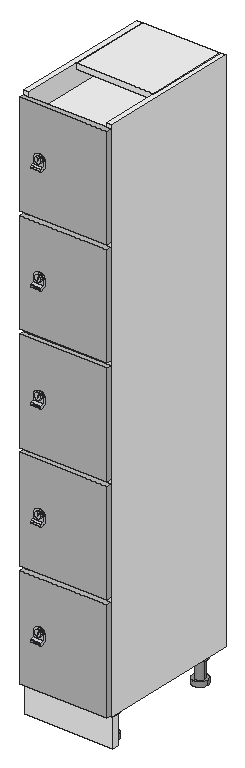
Revit family "1900H Locker Postal Slot 5 Door", category Casework, Revit 2016
Family settings
  OmniClass Number = 23.40.35.00
  OmniClass Title = Casework
  Work Plane-Based = No
  Always vertical = Yes
  Cut with Voids When Loaded = No
  Shared = No
  Room Calculation Point = No
Parameters (values of type "LW319P5ABNP")
  WarrantyGuarantorParts = "www.bisley.com"  # constant formula
  WarrantyGuarantorLabour = "www.bisley.com"  # constant formula
  WarrantyDurationUnit = "Years"  # constant formula
  WarrantyDurationParts = "5"  # constant formula
  WarrantyDurationLabour = "5"  # constant formula
  WarrantyDescription = "5 Years Parts & Labour"  # constant formula
  Uniclass2015Version = "3.1"  # constant formula
  Uniclass2015Title = "Lockers"  # constant formula
  Uniclass2015Code = "Pr_40_30_78_48"  # constant formula
  URL = "www.bisley.com"
  SustainabilityPerformance = "FSC Approved"  # constant formula
  SerialNumber = ""
  NominalWidth = Width  # 300 mm
  NominalLength = Depth  # 500 mm
  NominalHeight = Height  # 1900 mm
  Name = "1900H Postal Slot Door"  # constant formula
  NBSReference = "45-35-80/380"  # constant formula
  NBSDescription = "General fittings, furnishings and equipment system"  # constant formula
  ModelReference = "LW319P5ABNP"
  Model = "Lockerwall"  # constant formula
  Material = "MFC"  # constant formula
  ManufacturerURL = "www.bisley.com"  # constant formula
  Manufacturer = "Bisley"  # constant formula
  ManufactureName = "Bisley"  # constant formula
  M3 Lock = no
  Foot [instance] = Foot 100 : Foot 100
  Finish = "Matt"  # constant formula
  E4 Lock = no
  DurationUnit = "Years"  # constant formula
  Depth = 500 mm
  Height = 1900 mm
  Width = 300 mm
  Carcass Material = "MFC"  # constant formula
  Author = "Bisley"  # constant formula
  AssetType = "Fixed"  # constant formula
  AB Lock = yes
Reference planes
  plane 1 "Back": y = 0
  plane 2: z = 0
  plane 3 "Center (Left/Right)": x = 44.7
  plane 4 "Front": y = -500
  plane 5 "Left": x = -105.3
  plane 6 "Right": x = 194.7
  plane 7 "Top": z = 1900
  plane 8 "Base": z = 98
  plane 9 "Base Left": x = -87.3
  plane 10 "Base Right": x = 176.7
  plane 11: y = -482
  plane 12: y = -10.5
  plane 13: y = -29.5
  plane 14 "Back Base": z = 110.5
  plane 15: z = 1887.5
  plane 16: z = 95
  plane 17 "Plinth": y = -477
  plane 18: y = -459
  plane 19: z = 101
  plane 20: z = 446
  plane 21: z = 461
  plane 22: z = 806
  plane 23: z = 821
  plane 24: z = 1166
  plane 25: x = -103.3
  plane 26: x = 192.7
  plane 27 "Shelf 2": z = 819
  plane 28 "Shelf 1": z = 459
  plane 29 "Shelf 3": z = 1179
  plane 30: z = 1181
  plane 31: z = 1526
  plane 32: z = 1539
  plane 33: z = 1541
  plane 34: z = 1886
  plane 35 "Shelf 4": z = 390
  plane 36 "Shelf 5": z = 750
  plane 37 "Shelf 6": z = 1110
  plane 38 "Shelf 7": z = 1470
  plane 39 "Shelf 8": z = 1830
  plane 40: y = -282.05
Forms (mm)
  Extrusion 1, solid, not visible
    sketch origin (-1691.73, 346.204, -12) x (1, 0, 0) y (0, 0, 1)
      loop
        line (48, 12) -> (56, 12) -> (56, 20) -> (48, 20) -> (48, 12)
    from 0 to 26
  Extrusion 2, solid, not visible
    sketch origin (-1683.73, 346.204, -12) x (-1, 0, 0) y (0, 0, -1)
      loop
        line (48, -12) -> (48, -20) -> (56, -20) -> (56, -12) -> (48, -12)
    from 0 to 26
  Extrusion 3, solid, not visible
    sketch origin (-1687.73, 350.204, -3.997) x (0, 1, 0) y (0, 0, 1)
      loop
        line (-26, 3.997) -> (-26, 11.997) -> (-34, 11.997) -> (-34, 3.997) -> (-26, 3.997)
    from -52 to 52
  Extrusion 4, solid, material "MFC 1"
    sketch origin (0, 0, 0) x (1, 0, 0) y (0, 1, 0)
      loop
        line (-105.3, -482) -> (-87.3, -482) -> (-87.3, 0) -> (-105.3, 0) -> (-105.3, -482)
    from 98 to 1900
  Extrusion 5, solid, material "MFC 1"
    sketch origin (0, 0, 98) x (-1, 0, 0) y (0, -1, 0)
      loop
        line (-176.7, 482) -> (-194.7, 482) -> (-194.7, 0) -> (-176.7, 0) -> (-176.7, 482)
    from 0 to 1802
  Extrusion 6, solid, material "MFC 1"
    sketch origin (0, 0, 98) x (-1, 0, 0) y (0, -1, 0)
      loop
        line (87.3, 482) -> (-176.7, 482) -> (-176.7, 0) -> (87.3, 0) -> (87.3, 482)
    from 0 to 18
  Extrusion 7, void
    sketch origin (176.7, 0, 0) x (0, 1, 0) y (0, 0, 1)
      loop
        line (-29.5, 110.5) -> (-10.5, 110.5) -> (-10.5, 116) -> (-29.5, 116) -> (-29.5, 110.5)
    from 0 to -264
  Extrusion 8, solid, material "MFC 1"
    sketch origin (0, 0, 1540) x (0, -1, 0) y (1, 0, 0)
      loop
        line (282.05, -87.3) -> (282.05, 176.7) -> (0, 176.7) -> (0, -87.3) -> (282.05, -87.3)
    from 360 to 342
  Extrusion 9, void
    sketch origin (176.7, 0, 0) x (0, 1, 0) y (0, 0, 1)
      loop
        line (-29.5, 1884.5) -> (-10.5, 1884.5) -> (-10.5, 1887.5) -> (-29.5, 1887.5) -> (-29.5, 1884.5)
    from 0 to -264
  Extrusion 10, solid, material "MFC 1"
    sketch origin (0, 0, 110.5) x (0, -1, 0) y (1, 0, 0)
      loop
        line (29.5, -87.3) -> (29.5, 176.7) -> (10.5, 176.7) -> (10.5, -87.3) -> (29.5, -87.3)
    from 0 to 1777
  Extrusion 11, solid, material "MFC 1"
    sketch origin (0, 0, 0) x (1, 0, 0) y (0, 1, 0)
      loop
        line (-105.3, -477) -> (194.7, -477) -> (194.7, -459) -> (-105.3, -459) -> (-105.3, -477)
    from 0 to 95
  Extrusion 12, solid, material "MFC 2"
    sketch origin (0, -500, 0) x (1, 0, 0) y (0, 0, 1)
      loop
        line (-103.3, 821) -> (192.7, 821) -> (192.7, 1166) -> (-103.3, 1166) -> (-103.3, 821)
    from 0 to -18
  Extrusion 13, solid, material "MFC 2"
    sketch origin (0, -500, 0) x (1, 0, 0) y (0, 0, 1)
      loop
        line (-103.3, 461) -> (192.7, 461) -> (192.7, 806) -> (-103.3, 806) -> (-103.3, 461)
    from 0 to -18
  Extrusion 14, solid, material "MFC 2"
    sketch origin (0, -500, 0) x (1, 0, 0) y (0, 0, 1)
      loop
        line (-103.3, 101) -> (192.7, 101) -> (192.7, 446) -> (-103.3, 446) -> (-103.3, 101)
    from 0 to -18
  Extrusion 15, solid, material "MFC 1"
    sketch origin (0, 0, 459) x (-1, 0, 0) y (0, -1, 0)
      loop
        line (87.3, 482) -> (-176.7, 482) -> (-176.7, 29.5) -> (87.3, 29.5) -> (87.3, 482)
    from 0 to 18
  Extrusion 16, solid, material "MFC 1"
    sketch origin (0, 0, 819) x (-1, 0, 0) y (0, -1, 0)
      loop
        line (87.3, 482) -> (-176.7, 482) -> (-176.7, 29.5) -> (87.3, 29.5) -> (87.3, 482)
    from 0 to 18
  Extrusion 17, solid, material "MFC 1"
    sketch origin (0, 0, 1179) x (-1, 0, 0) y (0, -1, 0)
      loop
        line (87.3, 482) -> (-176.7, 482) -> (-176.7, 29.5) -> (87.3, 29.5) -> (87.3, 482)
    from 0 to 18
  Extrusion 18, solid, material "MFC 2"
    sketch origin (0, -500, 0) x (1, 0, 0) y (0, 0, 1)
      loop
        line (-103.3, 1181) -> (192.7, 1181) -> (192.7, 1526) -> (-103.3, 1526) -> (-103.3, 1181)
    from 0 to -18
  Extrusion 19, solid, material "MFC 1"
    sketch origin (0, 0, 1539) x (-1, 0, 0) y (0, -1, 0)
      loop
        line (87.3, 482) -> (-176.7, 482) -> (-176.7, 29.5) -> (87.3, 29.5) -> (87.3, 482)
    from 0 to 18
  Extrusion 20, solid, material "MFC 2"
    sketch origin (0, -500, 360) x (1, 0, 0) y (0, 0, 1)
      loop
        line (-103.3, 1181) -> (192.7, 1181) -> (192.7, 1526) -> (-103.3, 1526) -> (-103.3, 1181)
    from 0 to -18
  Extrusion 21, solid, material "MFC 1"
    sketch origin (0, 0, 390) x (-1, 0, 0) y (0, -1, 0)
      loop
        line (87.3, 482) -> (-176.7, 482) -> (-176.7, 29.5) -> (87.3, 29.5) -> (87.3, 482)
    from 0 to -18
  Extrusion 22, solid, material "MFC 1"
    sketch origin (0, 0, 750) x (-1, 0, 0) y (0, -1, 0)
      loop
        line (87.3, 482) -> (-176.7, 482) -> (-176.7, 29.5) -> (87.3, 29.5) -> (87.3, 482)
    from 0 to -18
  Extrusion 23, solid, material "MFC 1"
    sketch origin (0, 0, 1110) x (-1, 0, 0) y (0, -1, 0)
      loop
        line (87.3, 482) -> (-176.7, 482) -> (-176.7, 29.5) -> (87.3, 29.5) -> (87.3, 482)
    from 0 to -18
  Extrusion 24, solid, material "MFC 1"
    sketch origin (0, 0, 1470) x (-1, 0, 0) y (0, -1, 0)
      loop
        line (87.3, 482) -> (-176.7, 482) -> (-176.7, 29.5) -> (87.3, 29.5) -> (87.3, 482)
    from 0 to -18
  Extrusion 25, solid, material "MFC 1"
    sketch origin (0, 0, 1830) x (-1, 0, 0) y (0, -1, 0)
      loop
        line (87.3, 482) -> (-176.7, 482) -> (-176.7, 29.5) -> (87.3, 29.5) -> (87.3, 482)
    from 0 to -18
Cuts and joins
  Extrusion 7, Extrusion 9 cuts Extrusion 5
  Extrusion 7 cuts Extrusion 6
  Extrusion 9 cuts Extrusion 4
  Extrusion 9 cuts Extrusion 8
Dimensions and locks
  "Width": plane 6 "Right" to plane 5 "Left"
  equal spacing: plane 6 "Right", plane 3 "Center (Left/Right)", plane 5 "Left"
  "Depth": plane 4 "Front" to plane 1 "Back"
  "Height": level to plane 7 "Top"
  locked: plane 5 "Left" to plane 9 "Base Left" at 18
  locked: plane 10 "Base Right" to plane 6 "Right" at 18
  locked: plane 7 "Top" to plane 15 at 12.5
  Extrusion 10 to plane 1 "Back" = 10.5 mm
  locked: nested 1 to plane 6 "Right" at 68
  locked: nested 2 to plane 6 "Right" at 68
  locked: plane 1 "Back" to nested 3 at 79.5
  locked: plane 11 to plane 4 "Front" at 18
  locked: plane 17 "Plinth" to plane 4 "Front" at 23
  locked: plane 18 to plane 4 "Front" at 41
  locked: nested 1 to plane 4 "Front" at 91
  locked: plane 5 "Left" to nested 4 at 68
  locked: plane 5 "Left" to nested 3 at 68
  locked: plane 4 "Front" to nested 4 at 91
  locked: plane 6 "Right" to plane 26 at 2
  locked: plane 25 to plane 5 "Left" at 2
  locked: plane 5 "Left" to nested 7 at 51
  locked: plane 5 "Left" to nested 6 at 51
  locked: plane 5 "Left" to nested 5 at 51
  locked: plane 5 "Left" to nested 10 at 40.5
  locked: plane 5 "Left" to nested 9 at 40.5
  locked: plane 5 "Left" to nested 8 at 40.5
  locked: plane 5 "Left" to nested 13 at 54.3
  locked: plane 5 "Left" to nested 12 at 54.3
  locked: plane 5 "Left" to nested 11 at 54.3
  locked: plane 5 "Left" to nested 16 at 40.5
  locked: plane 5 "Left" to nested 14 at 51
  locked: plane 5 "Left" to nested 15 at 54.3
  locked: plane 5 "Left" to nested 19 at 40.5
  locked: plane 5 "Left" to nested 17 at 51
  locked: plane 5 "Left" to nested 18 at 54.3
  aligned and locked: level to plane 2
  aligned and locked: Extrusion 4 sketch curve to plane 11
  aligned and locked: Extrusion 4 sketch curve to plane 5 "Left"
  aligned and locked: Extrusion 4 sketch curve to plane 1 "Back"
  aligned and locked: plane 9 "Base Left" to Extrusion 4 sketch curve
  aligned and locked: Extrusion 4 to plane 8 "Base"
  aligned and locked: Extrusion 4 to plane 7 "Top"
  aligned and locked: Extrusion 5 sketch curve to plane 11
  aligned and locked: Extrusion 5 sketch curve to plane 10 "Base Right"
  aligned and locked: Extrusion 5 sketch curve to plane 1 "Back"
  aligned and locked: plane 6 "Right" to Extrusion 5 sketch curve
  aligned and locked: Extrusion 5 to plane 7 "Top"
  aligned and locked: Extrusion 5 to plane 8 "Base"
  aligned and locked: Extrusion 6 sketch curve to Extrusion 4
  aligned and locked: Extrusion 5 to Extrusion 6 sketch curve
  aligned and locked: Extrusion 6 sketch curve to Extrusion 5
  aligned and locked: plane 6 "Right" to Extrusion 5
  aligned and locked: Extrusion 7 to plane 9 "Base Left"
  aligned and locked: plane 10 "Base Right" to Extrusion 7
  aligned and locked: Extrusion 8 sketch curve to Extrusion 4
  aligned and locked: cut or joined group of Extrusion 5, Extrusion 7, Extrusion 9 to Extrusion 8 sketch curve
  aligned and locked: plane 15 to Extrusion 9 sketch curve
  aligned and locked: Extrusion 10 to plane 14 "Back Base"
  aligned and locked: plane 15 to Extrusion 10
  aligned and locked: Extrusion 9 to plane 9 "Base Left"
  aligned and locked: Extrusion 11 sketch curve to plane 17 "Plinth"
  aligned and locked: Extrusion 11 sketch curve to plane 5 "Left"
  aligned and locked: plane 18 to Extrusion 11 sketch curve
  aligned and locked: plane 6 "Right" to Extrusion 11 sketch curve
  aligned and locked: Extrusion 11 to plane 5 "Left"
  aligned and locked: plane 6 "Right" to Extrusion 11
  aligned and locked: Extrusion 5 to plane 11
  aligned and locked: Extrusion 4 to plane 11
  aligned and locked: Extrusion 12 to plane 25
  aligned and locked: plane 26 to Extrusion 12
  aligned and locked: Extrusion 12 to plane 23
  aligned and locked: plane 24 to Extrusion 12
  aligned and locked: Extrusion 13 sketch curve to plane 21
  aligned and locked: Extrusion 13 sketch curve to plane 25
  aligned and locked: plane 22 to Extrusion 13 sketch curve
  aligned and locked: plane 26 to Extrusion 13 sketch curve
  aligned and locked: Extrusion 14 sketch curve to plane 19
  aligned and locked: Extrusion 14 sketch curve to plane 25
  aligned and locked: plane 20 to Extrusion 14 sketch curve
  aligned and locked: plane 26 to Extrusion 14 sketch curve
  aligned and locked: nested 2 to Extrusion 15 sketch curve
  aligned and locked: nested 2 to Extrusion 16 sketch curve
  aligned and locked: nested 2 to Extrusion 17 sketch curve
  aligned and locked: Extrusion 18 sketch curve to plane 30
  aligned and locked: Extrusion 18 sketch curve to plane 25
  aligned and locked: plane 31 to Extrusion 18 sketch curve
  aligned and locked: plane 26 to Extrusion 18 sketch curve
  aligned and locked: Extrusion 20 sketch curve to plane 33
  aligned and locked: plane 34 to Extrusion 20 sketch curve
  aligned and locked: Extrusion 15 to plane 28 "Shelf 1"
  aligned and locked: Extrusion 16 to plane 27 "Shelf 2"
  aligned and locked: Extrusion 17 to plane 29 "Shelf 3"
  aligned and locked: nested 2 to Extrusion 21 sketch curve
  aligned and locked: nested 2 to Extrusion 22 sketch curve
  aligned and locked: nested 2 to Extrusion 23 sketch curve
  aligned and locked: nested 2 to Extrusion 24 sketch curve
  aligned and locked: nested 2 to Extrusion 25 sketch curve
  aligned and locked: Extrusion 8 to plane 40
Automatic sketch dimensions
  Extrusion 1 sketch curve to Extrusion 1 sketch curve = 8 mm  (x2)
  Extrusion 2 sketch curve to Extrusion 2 sketch curve = 8 mm  (x2)
  Extrusion 3 sketch curve to Extrusion 3 sketch curve = 8 mm  (x2)
  Extrusion 7 sketch curve to plane 13 = 0 mm
  Extrusion 7 sketch curve to plane 12 = 0 mm
  Extrusion 7 sketch curve to plane 14 "Back Base" = 0 mm
  Extrusion 7 sketch curve to Extrusion 7 sketch curve = 5.5 mm
  Extrusion 9 sketch curve to plane 13 = 0 mm
  Extrusion 9 sketch curve to plane 12 = 0 mm
  Extrusion 9 sketch curve to plane 15 = 3 mm
  Extrusion 12 sketch curve to plane 24 = 0 mm
  Extrusion 12 sketch curve to plane 25 = 0 mm
  Extrusion 12 sketch curve to plane 26 = 0 mm
  Extrusion 12 sketch curve to plane 23 = 0 mm
  Extrusion 19 sketch curve to plane 10 "Base Right" = 0 mm
  Extrusion 19 sketch curve to plane 9 "Base Left" = 0 mm
  Extrusion 19 sketch curve to plane 13 = 0 mm
  Extrusion 19 sketch curve to plane 11 = 0 mm
  Extrusion 20 sketch curve to plane 25 = 0 mm
  Extrusion 20 sketch curve to plane 26 = 0 mm
  plane 11 to Extrusion 8 sketch curve = 199.95 mm
  plane 1 "Back" to Extrusion 8 sketch curve = 0 mm
  Extrusion 6 sketch curve to plane 11 = 0 mm
  Extrusion 10 sketch curve to plane 9 "Base Left" = 0 mm
  Extrusion 10 sketch curve to plane 12 = 0 mm
  Extrusion 10 sketch curve to plane 13 = 0 mm
  Extrusion 10 sketch curve to plane 10 "Base Right" = 0 mm
  Extrusion 15 sketch curve to plane 9 "Base Left" = 0 mm
  Extrusion 15 sketch curve to plane 13 = 0 mm
  Extrusion 15 sketch curve to plane 11 = 0 mm
  Extrusion 16 sketch curve to plane 9 "Base Left" = 0 mm
  Extrusion 16 sketch curve to plane 13 = 0 mm
  Extrusion 16 sketch curve to plane 11 = 0 mm
  Extrusion 17 sketch curve to plane 9 "Base Left" = 0 mm
  Extrusion 17 sketch curve to plane 13 = 0 mm
  Extrusion 17 sketch curve to plane 11 = 0 mm
  Extrusion 21 sketch curve to plane 9 "Base Left" = 0 mm
  Extrusion 21 sketch curve to plane 13 = 0 mm
  Extrusion 21 sketch curve to plane 11 = 0 mm
  Extrusion 22 sketch curve to plane 9 "Base Left" = 0 mm
  Extrusion 22 sketch curve to plane 13 = 0 mm
  Extrusion 22 sketch curve to plane 11 = 0 mm
  Extrusion 23 sketch curve to plane 9 "Base Left" = 0 mm
  Extrusion 23 sketch curve to plane 13 = 0 mm
  Extrusion 23 sketch curve to plane 11 = 0 mm
  Extrusion 24 sketch curve to plane 9 "Base Left" = 0 mm
  Extrusion 24 sketch curve to plane 13 = 0 mm
  Extrusion 24 sketch curve to plane 11 = 0 mm
  Extrusion 25 sketch curve to plane 9 "Base Left" = 0 mm
  Extrusion 25 sketch curve to plane 13 = 0 mm
  Extrusion 25 sketch curve to plane 11 = 0 mm
Nested families
  nested 1: "Foot 100" at (196.401, -409, 0) x (-1, 0, 0) z (0, 0, 1), type "Foot 100"
  nested 2: "Foot 100" at (196.401, -29.5, 0) x (-1, 0, 0) z (0, 0, 1), type "Foot 100"
  nested 3: "Foot 100" at (-107, -29.5, 0), type "Foot 100"
  nested 4: "Foot 100" at (-107, -409, 0), type "Foot 100"
  nested 5: "AB Lock" at (-82, -500, 253), visible <- "AB Lock", type "AB Lock"
  nested 6: "AB Lock" at (-82, -500, 613), visible <- "AB Lock", type "AB Lock"
  nested 7: "AB Lock" at (-82, -500, 973), visible <- "AB Lock", type "AB Lock"
  nested 8: "M3 Lock" at (-93, -500, 256), visible <- "M3 Lock", type "M3 Lock"
  nested 9: "M3 Lock" at (-93, -500, 616), visible <- "M3 Lock", type "M3 Lock"
  nested 10: "M3 Lock" at (-93, -500, 976), visible <- "M3 Lock", type "M3 Lock"
  nested 11: "E4 Lock" at (-83, -500, 265), visible <- "E4 Lock", type "E4 Lock"
  nested 12: "E4 Lock" at (-83, -500, 625), visible <- "E4 Lock", type "E4 Lock"
  nested 13: "E4 Lock" at (-83, -500, 985), visible <- "E4 Lock", type "E4 Lock"
  nested 14: "AB Lock" at (-82, -500, 1333), visible <- "AB Lock", type "AB Lock"
  nested 15: "E4 Lock" at (-83, -500, 1345), visible <- "E4 Lock", type "E4 Lock"
  nested 16: "M3 Lock" at (-93, -500, 1336), visible <- "M3 Lock", type "M3 Lock"
  nested 17: "AB Lock" at (-82, -500, 1693), visible <- "AB Lock", type "AB Lock"
  nested 18: "E4 Lock" at (-83, -500, 1705), visible <- "E4 Lock", type "E4 Lock"
  nested 19: "M3 Lock" at (-93, -500, 1696), visible <- "M3 Lock", type "M3 Lock"
Definition of nested family "Foot 100"
  Parameters (values of type "Foot 100")
    WarrantyGuarantorParts = "www.bisley.com"  # constant formula
    WarrantyGuarantorLabour = "www.bisley.com"  # constant formula
    WarrantyDurationUnit = "Years"  # constant formula
    WarrantyDurationParts = "5"  # constant formula
    WarrantyDurationLabour = "5"  # constant formula
    WarrantyDescription = "5 Years Parts & Labour"  # constant formula
    Uniclass2015Version = ""
    Uniclass2015Title = ""
    Uniclass2015Code = ""
    URL = "www.bisley.com"
    SustainabilityPerformance = "FSC Approved"  # constant formula
    SerialNumber = ""
    NominalWidth = Width  # 50 mm
    NominalLength = Depth  # 50 mm
    NominalHeight = Height  # 900 mm
    Name = ""
    NBSReference = ""
    NBSDescription = "General fittings, furnishings and equipment system"  # constant formula
    ModelReference = ""
    Model = "Abode"  # constant formula
    Material = "MFC"  # constant formula
    ManufacturerURL = "www.bisley.com"  # constant formula
    Manufacturer = "Bisley"  # constant formula
    ManufactureName = "Bisley"  # constant formula
    Finish = "Matt"  # constant formula
    ExpectedLife = "25"  # constant formula
    DurationUnit = "Years"  # constant formula
    Depth = 50 mm
    Height = 900 mm
    Width = 50 mm
    Carcass Material = "MFC"  # constant formula
    Author = "Bisley"  # constant formula
    AssetType = "Fixed"  # constant formula
  Reference planes
    plane 1 "Back": y = 0
    plane 2: z = 0
    plane 3 "Center (Left/Right)": x = 44.7
    plane 4 "Front": y = -50
    plane 5 "Left": x = 19.7
    plane 6 "Right": x = 69.7
    plane 7 "Top": z = 900
    plane 8: y = -25
    plane 9 "Foot top": z = 98
    plane 10: y = 0
    plane 11: y = -50
    plane 12: x = 19.7
    plane 13: x = 69.7
    plane 14: x = 24.7
    plane 15: y = -5
  Forms (mm)
    Extrusion 1, solid, not visible
      sketch origin (-1691.73, 346.204, -12) x (1, 0, 0) y (0, 0, 1)
        loop
          line (48, 12) -> (56, 12) -> (56, 20) -> (48, 20) -> (48, 12)
      from 0 to 26
    Extrusion 2, solid, not visible
      sketch origin (-1683.73, 346.204, -12) x (-1, 0, 0) y (0, 0, -1)
        loop
          line (48, -12) -> (48, -20) -> (56, -20) -> (56, -12) -> (48, -12)
      from 0 to 26
    Extrusion 3, solid, not visible
      sketch origin (-1687.73, 350.204, -3.997) x (0, 1, 0) y (0, 0, 1)
        loop
          line (-26, 3.997) -> (-26, 11.997) -> (-34, 11.997) -> (-34, 3.997) -> (-26, 3.997)
      from -52 to 52
    Extrusion 4, solid
      sketch origin (0, 275, 0) x (1, 0, 0) y (0, 1, 0)
        loop
          circle (44.7, -300) r 25
      from 0 to 15
    Extrusion 5, solid
      sketch origin (0, 275, 0) x (1, 0, 0) y (0, 1, 0)
        loop
          circle (44.7, -300) r 15
      from 15 to 78
    Extrusion 6, solid
      sketch origin (0, 275, 0) x (1, 0, 0) y (0, 1, 0)
        loop
          circle (44.7, -300) r 25
      from 78 to 98
    Extrusion 7, solid
      sketch origin (0, 275, 98) x (-1, 0, 0) y (0, -1, 0)
        loop
          line (-19.7, 325) -> (-69.7, 325) -> (-69.7, 275) -> (-19.7, 275) -> (-19.7, 325)
      from 0 to -10
    Extrusion 8, void
      sketch origin (0, 275, 98) x (-1, 0, 0) y (0, -1, 0)
        loop
          circle (-24.7, 280) r 2.5
      from 0 to -10
    Extrusion 9, void
      sketch origin (89.401, 275, 98) x (1, 0, 0) y (0, 1, 0)
        loop
          circle (-24.7, -280) r 2.5
      from 0 to -10
    Extrusion 10, void
      sketch origin (0, -325, 98) x (-1, 0, 0) y (0, -1, 0)
        loop
          circle (-24.7, -280) r 2.5
      from 0 to -10
    Extrusion 11, void
      sketch origin (89.401, -325, 98) x (1, 0, 0) y (0, 1, 0)
        loop
          circle (-24.7, 280) r 2.5
      from 0 to -10
  Cuts and joins
    Extrusion 8, Extrusion 9, Extrusion 10, Extrusion 11 cuts Extrusion 4
    Extrusion 8, Extrusion 9, Extrusion 10, Extrusion 11 cuts Extrusion 5
    Extrusion 8, Extrusion 9, Extrusion 10, Extrusion 11 cuts Extrusion 6
    Extrusion 8, Extrusion 9, Extrusion 10, Extrusion 11 cuts Extrusion 7
    joined: Extrusion 4, Extrusion 5, Extrusion 6, Extrusion 7
  Dimensions and locks
    "Width": plane 6 "Right" to plane 5 "Left"
    equal spacing: plane 6 "Right", plane 3 "Center (Left/Right)", plane 5 "Left"
    "Depth": plane 4 "Front" to plane 1 "Back"
    "Height": level to plane 7 "Top"
    aligned and locked: level to plane 2
    aligned and locked: Extrusion 5 to Extrusion 4
    aligned and locked: Extrusion 4 to level
    aligned and locked: Extrusion 6 to Extrusion 5
    aligned and locked: plane 9 "Foot top" to Extrusion 6
  Automatic sketch dimensions
    Extrusion 1 sketch curve to Extrusion 1 sketch curve = 8 mm  (x2)
    Extrusion 2 sketch curve to Extrusion 2 sketch curve = 8 mm  (x2)
    Extrusion 3 sketch curve to Extrusion 3 sketch curve = 8 mm  (x2)
    Extrusion 4 sketch curve to plane 3 "Center (Left/Right)" = 0 mm
    plane 8 to Extrusion 4 sketch curve = 0 mm
    Extrusion 5 sketch curve to plane 3 "Center (Left/Right)" = 0 mm
    plane 8 to Extrusion 5 sketch curve = 0 mm
    Extrusion 6 sketch curve to plane 3 "Center (Left/Right)" = 0 mm
    plane 8 to Extrusion 6 sketch curve = 0 mm
    Extrusion 7 sketch curve to plane 11 = 0 mm
    Extrusion 7 sketch curve to plane 13 = 0 mm
    plane 10 to Extrusion 7 sketch curve = 0 mm
    Extrusion 7 sketch curve to plane 12 = 0 mm
    Extrusion 8 sketch curve to plane 14 = 0 mm
    Extrusion 8 sketch curve to plane 15 = 0 mm
    plane 15 to Extrusion 9 sketch curve = 0 mm
    plane 13 to Extrusion 9 sketch curve = 5 mm
    Extrusion 10 sketch curve to plane 14 = 0 mm
    Extrusion 10 sketch curve to plane 11 = 5 mm
    Extrusion 11 sketch curve to plane 13 = 5 mm
    plane 11 to Extrusion 11 sketch curve = 5 mm
    radius of Extrusion 4 sketch curve = 25 mm
    radius of Extrusion 5 sketch curve = 15 mm
    radius of Extrusion 6 sketch curve = 25 mm
    radius of Extrusion 8 sketch curve = 2.5 mm
    radius of Extrusion 9 sketch curve = 2.5 mm
    radius of Extrusion 10 sketch curve = 2.5 mm
    radius of Extrusion 11 sketch curve = 2.5 mm
Definition of nested family "AB Lock"
  Parameters (values of type "AB Lock")
    WarrantyGuarantorParts = "www.bisley.com"  # constant formula
    WarrantyGuarantorLabour = "www.bisley.com"  # constant formula
    WarrantyDurationUnit = "Years"  # constant formula
    WarrantyDurationParts = "5"  # constant formula
    WarrantyDurationLabour = "5"  # constant formula
    WarrantyDescription = "5 Years Parts & Labour"  # constant formula
    Uniclass2015Version = ""
    Uniclass2015Title = ""
    Uniclass2015Code = ""
    URL = "www.bisley.com"
    SustainabilityPerformance = "FSC Approved"  # constant formula
    SerialNumber = ""
    NominalWidth = Width  # 34 mm
    NominalLength = Depth  # 15 mm
    NominalHeight = Height  # 45 mm
    Name = ""
    NBSReference = ""
    NBSDescription = "General fittings, furnishings and equipment system"  # constant formula
    ModelReference = ""
    Model = "Abode"  # constant formula
    Material = "MFC"  # constant formula
    ManufacturerURL = "www.bisley.com"  # constant formula
    Manufacturer = "Bisley"  # constant formula
    ManufactureName = "Bisley"  # constant formula
    Finish = "Matt"  # constant formula
    ExpectedLife = "25"  # constant formula
    DurationUnit = "Years"  # constant formula
    Depth = 15 mm
    Height = 45 mm
    Width = 34 mm
    Carcass Material = "MFC"  # constant formula
    Author = "Bisley"  # constant formula
    AssetType = "Fixed"  # constant formula
  Reference planes
    plane 1 "Back": y = 0
    plane 2: z = 0
    plane 3 "Center (Left/Right)": x = 44.7
    plane 4 "Front": y = -15
    plane 5 "Left": x = 27.7
    plane 6 "Right": x = 61.7
    plane 7 "Top": z = 45
    plane 8: z = 28
    plane 9: z = 3
    plane 10: x = 31.2
    plane 11: x = 58.2
    plane 12: z = 6
    plane 13: y = -12
    plane 14: z = 10
    plane 15 "Lockback": y = -3
    plane 16: x = 43.2
    plane 17: x = 46.2
    plane 18: z = 32
    plane 19: z = 24
  Forms (mm)
    Extrusion 1, solid, not visible
      sketch origin (-1691.73, 346.204, -12) x (1, 0, 0) y (0, 0, 1)
        loop
          line (48, 12) -> (56, 12) -> (56, 20) -> (48, 20) -> (48, 12)
      from 0 to 26
    Extrusion 2, solid, not visible
      sketch origin (-1683.73, 346.204, -12) x (-1, 0, 0) y (0, 0, -1)
        loop
          line (48, -12) -> (48, -20) -> (56, -20) -> (56, -12) -> (48, -12)
      from 0 to 26
    Extrusion 3, solid, not visible
      sketch origin (-1687.73, 350.204, -3.997) x (0, 1, 0) y (0, 0, 1)
        loop
          line (-26, 3.997) -> (-26, 11.997) -> (-34, 11.997) -> (-34, 3.997) -> (-26, 3.997)
      from -52 to 52
    Extrusion 4, solid
      sketch origin (0, 0, 0) x (1, 0, 0) y (0, 0, 1)
        loop
          line (27.7, 28) -> (27.7, 6) -> (61.7, 6) -> (61.7, 28)
          arc (61.7, 28) -> (44.7, 45) -> (27.7, 28) r 17
      from 0 to 3
    Extrusion 5, solid
      sketch origin (27.7, 0, 0) x (0, 1, 0) y (0, 0, 1)
        loop
          circle (-12, 3) r 3
      from 0 to 34
    Extrusion 6, solid
      sketch origin (27.7, 0, 0) x (0, 1, 0) y (0, 0, 1)
        loop
          line (0, 6) -> (-3, 10)
          arc (-3, 10) -> (-7.815, 8.71) -> (-12, 6) r 16
          arc (-12, 6) -> (-9.879, 5.121) -> (-9, 3) r 3
          arc (-9, 3) -> (-4.809, 5.427) -> (0, 6) r 12
      from 0 to 34
    Extrusion 7, void
      sketch origin (27.7, 0, 0) x (0, 1, 0) y (0, 0, 1)
        loop
          line (-3, 10) -> (-3, 6) -> (0, 6) -> (-3, 10)
      from 0 to 34
    Extrusion 8, solid
      sketch origin (0, -3, 0) x (-1, 0, 0) y (0, 0, 1)
        loop
          circle (-44.7, 28) r 10.5
      from 0 to -3
    Extrusion 9, void
      sketch origin (0, -3, 0) x (-1, 0, 0) y (0, 0, 1)
        loop
          line (-43.2, 24) -> (-43.2, 32) -> (-46.2, 32) -> (-46.2, 24) -> (-43.2, 24)
      from 0 to -3
  Cuts and joins
    Extrusion 7, Extrusion 9 cuts Extrusion 4
    Extrusion 9 cuts Extrusion 5
    Extrusion 9 cuts Extrusion 6
    joined: Extrusion 4, Extrusion 5, Extrusion 6
    Extrusion 9 cuts Extrusion 8
  Lines and regions (mm)
    reference lines
      curve 1: arc (27.7, 0, 6) -> (27.7, -4.809, 5.427) -> (27.7, -9, 3) r 12
      curve 2: arc (27.7, -3, 10) -> (27.7, -7.815, 8.71) -> (27.7, -12, 6) r 16
  Dimensions and locks
    "Width": plane 6 "Right" to plane 5 "Left"
    equal spacing: plane 6 "Right", plane 3 "Center (Left/Right)", plane 5 "Left"
    "Depth": plane 4 "Front" to plane 1 "Back"
    "Height": level to plane 7 "Top"
    aligned and locked: level to plane 2
  Automatic sketch dimensions
    Extrusion 1 sketch curve to Extrusion 1 sketch curve = 8 mm  (x2)
    Extrusion 2 sketch curve to Extrusion 2 sketch curve = 8 mm  (x2)
    Extrusion 3 sketch curve to Extrusion 3 sketch curve = 8 mm  (x2)
    Extrusion 4 sketch curve to plane 5 "Left" = 0 mm
    Extrusion 4 sketch curve to plane 6 "Right" = 0 mm
    Extrusion 4 sketch curve to plane 12 = 0 mm
    Extrusion 4 sketch curve to plane 8 = 0 mm
    Extrusion 5 sketch curve to plane 9 = 0 mm
    Extrusion 5 sketch curve to plane 13 = 0 mm
    curve 2 to plane 12 = 0 mm
    curve 2 to plane 13 = 0 mm
    curve 1 to plane 9 = 0 mm
    plane 14 to curve 2 = 0 mm
    curve 1 to plane 1 "Back" = 0 mm
    curve 1 to plane 12 = 0 mm
    plane 1 "Back" to curve 2 = 1.317 mm
    curve 2 to curve 1 = 0.303 mm
    curve 2 to level = 5.911 mm
    curve 1 to curve 2 = 0.046 mm
    Extrusion 6 sketch curve to plane 12 = 0 mm  (x2)
    Extrusion 6 sketch curve to plane 13 = 0 mm
    Extrusion 6 sketch curve to plane 9 = 0 mm
    plane 14 to Extrusion 6 sketch curve = 0 mm
    Extrusion 6 sketch curve to plane 1 "Back" = 0 mm
    plane 1 "Back" to Extrusion 6 sketch curve = 3 mm
    plane 1 "Back" to Extrusion 6 sketch curve = 1.317 mm
    Extrusion 6 sketch curve to Extrusion 6 sketch curve = 0.303 mm
    Extrusion 7 sketch curve to plane 12 = 0 mm
    plane 14 to Extrusion 7 sketch curve = 0 mm
    Extrusion 7 sketch curve to plane 1 "Back" = 0 mm
    plane 1 "Back" to Extrusion 7 sketch curve = 3 mm
    Extrusion 8 sketch curve to plane 3 "Center (Left/Right)" = 0 mm
    Extrusion 8 sketch curve to plane 8 = 0 mm
    Extrusion 9 sketch curve to plane 17 = 0 mm
    Extrusion 9 sketch curve to plane 16 = 0 mm
    Extrusion 9 sketch curve to plane 19 = 0 mm
    Extrusion 9 sketch curve to plane 18 = 0 mm
    radius of Extrusion 5 sketch curve = 3 mm
    radius of Extrusion 8 sketch curve = 10.5 mm
Definition of nested family "M3 Lock"
  Parameters (values of type "M3 Lock")
    WarrantyGuarantorParts = "www.bisley.com"  # constant formula
    WarrantyGuarantorLabour = "www.bisley.com"  # constant formula
    WarrantyDurationUnit = "Years"  # constant formula
    WarrantyDurationParts = "5"  # constant formula
    WarrantyDurationLabour = "5"  # constant formula
    WarrantyDescription = "5 Years Parts & Labour"  # constant formula
    Uniclass2015Version = ""
    Uniclass2015Title = ""
    Uniclass2015Code = ""
    URL = "www.bisley.com"
    SustainabilityPerformance = "FSC Approved"  # constant formula
    SerialNumber = ""
    NominalWidth = Width  # 33 mm
    NominalLength = Depth  # 21.5 mm
    NominalHeight = Height  # 83.5 mm
    Name = ""
    NBSReference = ""
    NBSDescription = "General fittings, furnishings and equipment system"  # constant formula
    ModelReference = ""
    Model = "Abode"  # constant formula
    Material = "MFC"  # constant formula
    ManufacturerURL = "www.bisley.com"  # constant formula
    Manufacturer = "Bisley"  # constant formula
    ManufactureName = "Bisley"  # constant formula
    Finish = "Matt"  # constant formula
    ExpectedLife = "25"  # constant formula
    DurationUnit = "Years"  # constant formula
    Depth = 21.5 mm
    Height = 83.5 mm
    Width = 33 mm
    Carcass Material = "MFC"  # constant formula
    Author = "Bisley"  # constant formula
    AssetType = "Fixed"  # constant formula
  Reference planes
    plane 1 "Back": y = 0
    plane 2: z = 0
    plane 3 "Center (Left/Right)": x = 44.7
    plane 4 "Front": y = -21.5
    plane 5 "Left": x = 28.2
    plane 6 "Right": x = 61.2
    plane 7 "Top": z = 83.5
    plane 8 "BackFront": y = -3.045
    plane 9: x = 32.2
    plane 10: z = 79.5
    plane 11: x = 57.2
    plane 12: z = 4
    plane 13: x = 32.2
    plane 14: x = 57.2
    plane 15 "Barrel Base": z = 30.5
    plane 16: x = 40.5
    plane 17: x = 48.9
    plane 18: y = -4.445
    plane 19: z = 74.5
    plane 20 "L4": z = 69.8
    plane 21: z = 64.9
    plane 22 "L3": z = 60.2
    plane 23: z = 55.3
    plane 24 "L2": z = 50.6
    plane 25: z = 45.7
    plane 26 "L1": z = 41
    plane 27: x = 38.2
    plane 28: x = 51.2
    plane 29: y = -4.945
    plane 30: z = 40.5
    plane 31 "l-1": z = 38.5
    plane 32: z = 16
    plane 33: y = -9.045
    plane 34 "Thumbturn": y = -19.5
    plane 35: x = 43.2
    plane 36: x = 46.2
    plane 37: z = 20
    plane 38: z = 12
  Forms (mm)
    Extrusion 1, solid, not visible
      sketch origin (-1691.73, 346.204, -12) x (1, 0, 0) y (0, 0, 1)
        loop
          line (48, 12) -> (56, 12) -> (56, 20) -> (48, 20) -> (48, 12)
      from 0 to 26
    Extrusion 2, solid, not visible
      sketch origin (-1683.73, 346.204, -12) x (-1, 0, 0) y (0, 0, -1)
        loop
          line (48, -12) -> (48, -20) -> (56, -20) -> (56, -12) -> (48, -12)
      from 0 to 26
    Extrusion 3, solid, not visible
      sketch origin (-1687.73, 350.204, -3.997) x (0, 1, 0) y (0, 0, 1)
        loop
          line (-26, 3.997) -> (-26, 11.997) -> (-34, 11.997) -> (-34, 3.997) -> (-26, 3.997)
      from -52 to 52
    Extrusion 4, solid
      sketch origin (0, 0, 0) x (1, 0, 0) y (0, 0, 1)
        loop
          line (28.2, 0) -> (61.2, 0) -> (61.2, 83.5) -> (28.2, 83.5) -> (28.2, 0)
      from 0 to 3
    Extrusion 5, void
      sketch origin (0, 0, 0) x (1, 0, 0) y (0, 0, 1)
        loop
          arc (28.2, 79.5) -> (29.372, 82.328) -> (32.2, 83.5) r 4
          line (32.2, 83.5) -> (28.2, 83.5) -> (28.2, 79.5)
      from 0 to 3
    Extrusion 6, void
      sketch origin (0, 0, 0) x (1, 0, 0) y (0, 0, 1)
        loop
          arc (57.2, 83.5) -> (60.029, 82.328) -> (61.2, 79.5) r 4
          line (61.2, 79.5) -> (61.2, 83.5) -> (57.2, 83.5)
      from 0 to 3
    Extrusion 7, void
      sketch origin (0, 0, 0) x (1, 0, 0) y (0, 0, 1)
        loop
          arc (32.2, 0) -> (29.372, 1.172) -> (28.2, 4) r 4
          line (28.2, 4) -> (28.2, 0) -> (32.2, 0)
      from 0 to 3
    Extrusion 8, void
      sketch origin (0, 0, 0) x (1, 0, 0) y (0, 0, 1)
        loop
          line (57.2, 0) -> (61.2, 0) -> (61.2, 4)
          arc (61.2, 4) -> (60.029, 1.172) -> (57.2, 0) r 4
      from 0 to 3
    Extrusion 9, solid
      sketch origin (0, 0, 30.5) x (-1, 0, 0) y (0, -1, 0)
        loop
          arc (-40.5, 3) -> (-44.7, 4.445) -> (-48.9, 3) r 6.827
          line (-48.9, 3) -> (-40.5, 3)
      from 0 to 49
    Extrusion 10, solid
      sketch origin (0, 0, 41) x (-1, 0, 0) y (0, -1, 0)
        loop
          arc (-38.2, 3) -> (-44.7, 4.945) -> (-51.2, 3) r 11.835
          line (-51.2, 3) -> (-38.2, 3)
      from 0 to 4.7
    Extrusion 11, solid
      sketch origin (0, 0, 50.6) x (-1, 0, 0) y (0, -1, 0)
        loop
          arc (-38.2, 3) -> (-44.7, 4.945) -> (-51.2, 3) r 11.835
          line (-51.2, 3) -> (-38.2, 3)
      from 0 to 4.7
    Extrusion 12, solid
      sketch origin (0, 0, 60.2) x (-1, 0, 0) y (0, -1, 0)
        loop
          arc (-38.2, 3) -> (-44.7, 4.945) -> (-51.2, 3) r 11.835
          line (-51.2, 3) -> (-38.2, 3)
      from 0 to 4.7
    Extrusion 13, solid
      sketch origin (0, 0, 69.8) x (-1, 0, 0) y (0, -1, 0)
        loop
          arc (-38.2, 3) -> (-44.7, 4.945) -> (-51.2, 3) r 11.835
          line (-51.2, 3) -> (-38.2, 3)
      from 0 to 4.7
    Extrusion 14, solid
      sketch origin (0, 0, 38.5) x (-1, 0, 0) y (0, -1, 0)
        loop
          arc (-38.2, 3) -> (-44.7, 4.945) -> (-51.2, 3) r 11.835
          line (-51.2, 3) -> (-38.2, 3)
      from 0 to 2
    Extrusion 15, solid
      sketch origin (0, -3.045, 0) x (-1, 0, 0) y (0, 0, 1)
        loop
          circle (-44.7, 16) r 14.25
      from 0 to -4
    Extrusion 16, solid
      sketch origin (0, -3.045, 0) x (-1, 0, 0) y (0, 0, 1)
        loop
          circle (-44.7, 16) r 12.7
      from 0 to -18.455
    Extrusion 17, void
      sketch origin (0, -21.5, 0) x (1, 0, 0) y (0, 0, 1)
        loop
          circle (44.7, 16) r 7.362
      from 0 to -1
    Extrusion 18, solid
      sketch origin (0, -21.5, 0) x (1, 0, 0) y (0, 0, 1)
        loop
          line (40.5, 29.617) -> (40.5, 27.985)
          arc (40.5, 27.985) -> (44.7, 28.7) -> (48.9, 27.985) r 12.7
          line (48.9, 27.985) -> (48.9, 29.617)
          arc (48.9, 29.617) -> (44.7, 30.25) -> (40.5, 29.617) r 14.25
      from 0 to -14.5
    Extrusion 19, solid
      sketch origin (0, -20.483, 0) x (1, 0, 0) y (0, 0, 1)
        loop
          circle (44.7, 16) r 13.48
      from 0 to -1.5
    Extrusion 20, void
      sketch origin (0, -21.5, 0) x (1, 0, 0) y (0, 0, 1)
        loop
          line (43.2, 12) -> (46.2, 12) -> (46.2, 20) -> (43.2, 20) -> (43.2, 12)
      from 0 to -10.5
  Cuts and joins
    Extrusion 5, Extrusion 6, Extrusion 7, Extrusion 8, Extrusion 17, Extrusion 20 cuts Extrusion 4
    Extrusion 17, Extrusion 20 cuts Extrusion 9
    Extrusion 17, Extrusion 20 cuts Extrusion 10
    Extrusion 17, Extrusion 20 cuts Extrusion 11
    Extrusion 17, Extrusion 20 cuts Extrusion 12
    Extrusion 17, Extrusion 20 cuts Extrusion 13
    Extrusion 17, Extrusion 20 cuts Extrusion 14
    Extrusion 17, Extrusion 20 cuts Extrusion 15
    Extrusion 17, Extrusion 20 cuts Extrusion 16
    Extrusion 20 cuts Extrusion 18
    Extrusion 20 cuts Extrusion 19
    joined: Extrusion 4, Extrusion 9, Extrusion 10, Extrusion 11, Extrusion 12, Extrusion 13, Extrusion 14, Extrusion 15, Extrusion 16, Extrusion 18, Extrusion 19
  Dimensions and locks
    "Width": plane 6 "Right" to plane 5 "Left"
    equal spacing: plane 6 "Right", plane 3 "Center (Left/Right)", plane 5 "Left"
    "Depth": plane 4 "Front" to plane 1 "Back"
    "Height": level to plane 7 "Top"
    aligned and locked: level to plane 2
    aligned and locked: plane 10 to Extrusion 9
    aligned and locked: Extrusion 9 to plane 15 "Barrel Base"
    aligned and locked: Extrusion 4 to plane 7 "Top"
    aligned and locked: plane 6 "Right" to Extrusion 4
    aligned and locked: Extrusion 4 to plane 5 "Left"
    aligned and locked: Extrusion 4 to level
  Automatic sketch dimensions
    Extrusion 1 sketch curve to Extrusion 1 sketch curve = 8 mm  (x2)
    Extrusion 2 sketch curve to Extrusion 2 sketch curve = 8 mm  (x2)
    Extrusion 3 sketch curve to Extrusion 3 sketch curve = 8 mm  (x2)
    Extrusion 4 sketch curve to plane 5 "Left" = 0 mm
    Extrusion 4 sketch curve to plane 6 "Right" = 0 mm
    Extrusion 4 sketch curve to level = 0 mm
    Extrusion 4 sketch curve to plane 7 "Top" = 0 mm
    Extrusion 5 sketch curve to plane 7 "Top" = 0 mm
    Extrusion 5 sketch curve to plane 9 = 0 mm
    Extrusion 5 sketch curve to plane 10 = 0 mm
    Extrusion 6 sketch curve to plane 7 "Top" = 0 mm  (x2)
    Extrusion 6 sketch curve to plane 11 = 0 mm
    Extrusion 6 sketch curve to plane 6 "Right" = 0 mm
    Extrusion 6 sketch curve to plane 10 = 0 mm
    Extrusion 7 sketch curve to level = 0 mm
    Extrusion 7 sketch curve to plane 5 "Left" = 0 mm
    plane 9 to Extrusion 7 sketch curve = 0 mm  (x2)
    Extrusion 7 sketch curve to plane 12 = 0 mm
    Extrusion 8 sketch curve to level = 0 mm
    plane 11 to Extrusion 8 sketch curve = 0 mm
    Extrusion 8 sketch curve to plane 12 = 0 mm
    Extrusion 9 sketch curve to plane 17 = 0 mm
    Extrusion 9 sketch curve to plane 16 = 0 mm
    Extrusion 9 sketch curve to plane 1 "Back" = 2.382 mm
    plane 8 "BackFront" to Extrusion 9 sketch curve = 0.045 mm
    Extrusion 10 sketch curve to plane 28 = 0 mm
    Extrusion 10 sketch curve to plane 27 = 0 mm
    Extrusion 10 sketch curve to plane 1 "Back" = 6.89 mm
    plane 8 "BackFront" to Extrusion 10 sketch curve = 0.045 mm
    Extrusion 11 sketch curve to plane 28 = 0 mm
    Extrusion 11 sketch curve to plane 27 = 0 mm
    Extrusion 11 sketch curve to plane 1 "Back" = 6.89 mm
    plane 8 "BackFront" to Extrusion 11 sketch curve = 0.045 mm
    Extrusion 12 sketch curve to plane 28 = 0 mm
    Extrusion 12 sketch curve to plane 27 = 0 mm
    Extrusion 12 sketch curve to plane 1 "Back" = 6.89 mm
    plane 8 "BackFront" to Extrusion 12 sketch curve = 0.045 mm
    Extrusion 13 sketch curve to plane 28 = 0 mm
    Extrusion 13 sketch curve to plane 27 = 0 mm
    Extrusion 13 sketch curve to plane 1 "Back" = 6.89 mm
    plane 8 "BackFront" to Extrusion 13 sketch curve = 0.045 mm
    Extrusion 14 sketch curve to plane 28 = 0 mm
    Extrusion 14 sketch curve to plane 27 = 0 mm
    Extrusion 14 sketch curve to plane 1 "Back" = 6.89 mm
    plane 8 "BackFront" to Extrusion 14 sketch curve = 0.045 mm
    Extrusion 15 sketch curve to plane 3 "Center (Left/Right)" = 0 mm
    Extrusion 15 sketch curve to plane 32 = 0 mm
    Extrusion 16 sketch curve to plane 3 "Center (Left/Right)" = 0 mm
    Extrusion 16 sketch curve to plane 32 = 0 mm
    Extrusion 17 sketch curve to plane 3 "Center (Left/Right)" = 0 mm
    Extrusion 17 sketch curve to plane 32 = 0 mm
    Extrusion 18 sketch curve to Extrusion 18 sketch curve = 0 mm  (x2)
    Extrusion 18 sketch curve to plane 16 = 0 mm
    Extrusion 18 sketch curve to plane 3 "Center (Left/Right)" = 0 mm
    Extrusion 18 sketch curve to plane 17 = 0 mm
    Extrusion 18 sketch curve to plane 32 = 0 mm
    Extrusion 18 sketch curve to plane 15 "Barrel Base" = 2.515 mm
    Extrusion 18 sketch curve to plane 15 "Barrel Base" = 0.883 mm
    Extrusion 19 sketch curve to plane 3 "Center (Left/Right)" = 0 mm
    Extrusion 19 sketch curve to plane 32 = 0 mm
    Extrusion 20 sketch curve to plane 35 = 0 mm
    Extrusion 20 sketch curve to plane 36 = 0 mm
    Extrusion 20 sketch curve to plane 38 = 0 mm
    Extrusion 20 sketch curve to plane 37 = 0 mm
    radius of Extrusion 15 sketch curve = 14.25 mm
    radius of Extrusion 16 sketch curve = 12.7 mm
    radius of Extrusion 17 sketch curve = 7.362 mm
    radius of Extrusion 19 sketch curve = 13.48 mm
Definition of nested family "E4 Lock"
  Parameters (values of type "E4 Lock")
    WarrantyGuarantorParts = "www.bisley.com"  # constant formula
    WarrantyGuarantorLabour = "www.bisley.com"  # constant formula
    WarrantyDurationUnit = "Years"  # constant formula
    WarrantyDurationParts = "5"  # constant formula
    WarrantyDurationLabour = "5"  # constant formula
    WarrantyDescription = "5 Years Parts & Labour"  # constant formula
    Uniclass2015Version = ""
    Uniclass2015Title = ""
    Uniclass2015Code = ""
    URL = "www.bisley.com"
    SustainabilityPerformance = "FSC Approved"  # constant formula
    SerialNumber = ""
    NominalWidth = Width  # 25.4 mm
    NominalLength = Depth  # 20.4 mm
    NominalHeight = Height  # 101 mm
    Name = ""
    NBSReference = ""
    NBSDescription = "General fittings, furnishings and equipment system"  # constant formula
    ModelReference = ""
    Model = "Abode"  # constant formula
    Material = "MFC"  # constant formula
    ManufacturerURL = "www.bisley.com"  # constant formula
    Manufacturer = "Bisley"  # constant formula
    ManufactureName = "Bisley"  # constant formula
    Finish = "Matt"  # constant formula
    ExpectedLife = "25"  # constant formula
    DurationUnit = "Years"  # constant formula
    Depth = 20.4 mm
    Height = 101 mm
    Width = 25.4 mm
    Carcass Material = "MFC"  # constant formula
    Author = "Bisley"  # constant formula
    AssetType = "Fixed"  # constant formula
  Reference planes
    plane 1 "Back": y = 0
    plane 2: z = 0
    plane 3 "Center (Left/Right)": x = 44.7
    plane 4 "Front": y = -20.4
    plane 5 "Left": x = 32
    plane 6 "Right": x = 57.4
    plane 7 "Top": z = 101
    plane 8 "Back Front": y = -13.4
    plane 9: x = 35
    plane 10: x = 54.4
    plane 11: x = 35
    plane 12: x = 54.4
    plane 13: z = 3
    plane 14: z = 98
    plane 15 "Numbers": y = -14.4
    plane 16: z = 94
    plane 17: z = 87
    plane 18: z = 84.5
    plane 19: z = 77.5
    plane 20: z = 75
    plane 21: z = 68
    plane 22: z = 65.5
    plane 23: z = 58.5
    plane 24: z = 56
    plane 25: z = 49
    plane 26: z = 46.5
    plane 27: z = 39.5
    plane 28: z = 37
    plane 29: z = 32
    plane 30: z = 5.5
    plane 31: z = 25
    plane 32: z = 23
    plane 33: x = 36
    plane 34: x = 53.4
    plane 35: x = 44.5
    plane 36: x = 44.9
    plane 37: x = 37.98
    plane 38: x = 51.4
    plane 39: z = 35.539
    plane 40: z = 33.5
    plane 41: z = 28.5
    plane 42: x = 41.287
    plane 43: x = 48.1
    plane 44: x = 39.98
    plane 45: x = 49.4
    plane 46: z = 21
    plane 47: z = 7.5
    plane 48: z = 14.25
  Forms (mm)
    Extrusion 1, solid, not visible
      sketch origin (-1691.73, 346.204, -12) x (1, 0, 0) y (0, 0, 1)
        loop
          line (48, 12) -> (56, 12) -> (56, 20) -> (48, 20) -> (48, 12)
      from 0 to 26
    Extrusion 2, solid, not visible
      sketch origin (-1683.73, 346.204, -12) x (-1, 0, 0) y (0, 0, -1)
        loop
          line (48, -12) -> (48, -20) -> (56, -20) -> (56, -12) -> (48, -12)
      from 0 to 26
    Extrusion 3, solid, not visible
      sketch origin (-1687.73, 350.204, -3.997) x (0, 1, 0) y (0, 0, 1)
        loop
          line (-26, 3.997) -> (-26, 11.997) -> (-34, 11.997) -> (-34, 3.997) -> (-26, 3.997)
      from -52 to 52
    Extrusion 4, solid
      sketch origin (0, 0, 0) x (1, 0, 0) y (0, 0, 1)
        loop
          line (32, 0) -> (57.4, 0) -> (57.4, 101) -> (32, 101) -> (32, 0)
      from 0 to 13.4
    Extrusion 5, void
      sketch origin (0, 0, 0) x (1, 0, 0) y (0, 0, 1)
        loop
          arc (32, 98) -> (32.879, 100.121) -> (35, 101) r 3
          line (35, 101) -> (32, 101) -> (32, 98)
      from 0 to 13.4
    Extrusion 6, void
      sketch origin (0, 0, 0) x (1, 0, 0) y (0, 0, 1)
        loop
          line (57.4, 98) -> (57.4, 101) -> (54.4, 101)
          arc (54.4, 101) -> (56.522, 100.121) -> (57.4, 98) r 3
      from 0 to 13.4
    Extrusion 7, void
      sketch origin (0, 0, 0) x (1, 0, 0) y (0, 0, 1)
        loop
          line (32, 3) -> (32, 0) -> (35, 0)
          arc (35, 0) -> (32.879, 0.879) -> (32, 3) r 3
      from 0 to 13.4
    Extrusion 8, void
      sketch origin (0, 0, 0) x (1, 0, 0) y (0, 0, 1)
        loop
          line (54.4, 0) -> (57.4, 0) -> (57.4, 3)
          arc (57.4, 3) -> (56.522, 0.879) -> (54.4, 0) r 3
      from 0 to 13.4
    Extrusion 9, solid
      sketch origin (0, -13.4, 0) x (-1, 0, 0) y (0, 0, 1)
        loop
          line (-36, 87) -> (-36, 94) -> (-44.5, 94) -> (-44.5, 87) -> (-36, 87)
      from 0 to -1
    Extrusion 10, solid
      sketch origin (0, -13.4, 0) x (-1, 0, 0) y (0, 0, 1)
        loop
          line (-44.9, 87) -> (-44.9, 94) -> (-53.4, 94) -> (-53.4, 87) -> (-44.9, 87)
      from 0 to -1
    Extrusion 11, solid
      sketch origin (0, -13.4, -9.5) x (-1, 0, 0) y (0, 0, 1)
        loop
          line (-36, 87) -> (-36, 94) -> (-44.5, 94) -> (-44.5, 87) -> (-36, 87)
      from 0 to -1
    Extrusion 12, solid
      sketch origin (0, -13.4, -9.5) x (-1, 0, 0) y (0, 0, 1)
        loop
          line (-44.9, 87) -> (-44.9, 94) -> (-53.4, 94) -> (-53.4, 87) -> (-44.9, 87)
      from 0 to -1
    Extrusion 13, solid
      sketch origin (0, -13.4, -19) x (-1, 0, 0) y (0, 0, 1)
        loop
          line (-36, 87) -> (-36, 94) -> (-44.5, 94) -> (-44.5, 87) -> (-36, 87)
      from 0 to -1
    Extrusion 14, solid
      sketch origin (0, -13.4, -19) x (-1, 0, 0) y (0, 0, 1)
        loop
          line (-44.9, 87) -> (-44.9, 94) -> (-53.4, 94) -> (-53.4, 87) -> (-44.9, 87)
      from 0 to -1
    Extrusion 15, solid
      sketch origin (0, -13.4, -28.5) x (-1, 0, 0) y (0, 0, 1)
        loop
          line (-36, 87) -> (-36, 94) -> (-44.5, 94) -> (-44.5, 87) -> (-36, 87)
      from 0 to -1
    Extrusion 16, solid
      sketch origin (0, -13.4, -28.5) x (-1, 0, 0) y (0, 0, 1)
        loop
          line (-44.9, 87) -> (-44.9, 94) -> (-53.4, 94) -> (-53.4, 87) -> (-44.9, 87)
      from 0 to -1
    Extrusion 17, solid
      sketch origin (0, -13.4, -38) x (-1, 0, 0) y (0, 0, 1)
        loop
          line (-36, 87) -> (-36, 94) -> (-44.5, 94) -> (-44.5, 87) -> (-36, 87)
      from 0 to -1
    Extrusion 18, solid
      sketch origin (0, -13.4, -38) x (-1, 0, 0) y (0, 0, 1)
        loop
          line (-44.9, 87) -> (-44.9, 94) -> (-53.4, 94) -> (-53.4, 87) -> (-44.9, 87)
      from 0 to -1
    Extrusion 19, solid
      sketch origin (0, -13.4, -47.5) x (-1, 0, 0) y (0, 0, 1)
        loop
          line (-36, 87) -> (-36, 94) -> (-44.5, 94) -> (-44.5, 87) -> (-36, 87)
      from 0 to -1
    Extrusion 20, solid
      sketch origin (0, -13.4, -47.5) x (-1, 0, 0) y (0, 0, 1)
        loop
          line (-44.9, 87) -> (-44.9, 94) -> (-53.4, 94) -> (-53.4, 87) -> (-44.9, 87)
      from 0 to -1
    Extrusion 21, solid
      sketch origin (0, -14.4, 0) x (-1, 0, 0) y (0, 0, 1)
        loop
          line (-37.98, 33.5) -> (-37.98, 35.539) -> (-51.4, 35.539) -> (-51.4, 33.5) -> (-37.98, 33.5)
      from 0 to 1
    Extrusion 22, solid
      sketch origin (0, -14.4, 0) x (-1, 0, 0) y (0, 0, 1)
        loop
          line (-37.98, 25) -> (-37.98, 32) -> (-51.4, 32) -> (-51.4, 25) -> (-37.98, 25)
      from 0 to 1
    Extrusion 23, void
      sketch origin (0, -14.4, 0) x (-1, 0, 0) y (0, 0, 1)
        loop
          circle (-41.287, 28.5) r 1
      from 0 to 1
    Extrusion 24, void
      sketch origin (0, -14.4, 0) x (-1, 0, 0) y (0, 0, 1)
        loop
          circle (-44.7, 28.5) r 0.982
      from 0 to 1
    Extrusion 25, void
      sketch origin (0, -14.4, 0) x (-1, 0, 0) y (0, 0, 1)
        loop
          circle (-48.1, 28.5) r 1.013
      from 0 to 1
    Extrusion 26, solid
      sketch origin (0, -20.4, 0) x (1, 0, 0) y (0, 0, 1)
        loop
          line (37.98, 5.5) -> (51.4, 5.5) -> (51.4, 23) -> (37.98, 23) -> (37.98, 5.5)
      from 0 to -6
    Extrusion 27, void
      sketch origin (0, -20.4, 0) x (1, 0, 0) y (0, 0, 1)
        loop
          line (39.98, 23) -> (37.98, 23) -> (37.98, 21)
          arc (37.98, 21) -> (38.566, 22.414) -> (39.98, 23) r 2
      from 0 to -6
    Extrusion 28, void
      sketch origin (0, -20.4, 0) x (1, 0, 0) y (0, 0, 1)
        loop
          arc (49.4, 23) -> (50.815, 22.414) -> (51.4, 21) r 2
          line (51.4, 21) -> (51.4, 23) -> (49.4, 23)
      from 0 to -6
    Extrusion 29, void
      sketch origin (0, -20.4, 0) x (1, 0, 0) y (0, 0, 1)
        loop
          line (37.98, 7.5) -> (37.98, 5.5) -> (39.98, 5.5)
          arc (39.98, 5.5) -> (38.566, 6.086) -> (37.98, 7.5) r 2
      from 0 to -6
    Extrusion 30, void
      sketch origin (0, -20.4, 0) x (1, 0, 0) y (0, 0, 1)
        loop
          line (49.4, 5.5) -> (51.4, 5.5) -> (51.4, 7.5)
          arc (51.4, 7.5) -> (50.815, 6.086) -> (49.4, 5.5) r 2
      from 0 to -6
    Extrusion 31, solid
      sketch origin (0, -14.4, 0) x (-1, 0, 0) y (0, 0, 1)
        loop
          circle (-44.7, 14.25) r 7.5
      from 0 to 1
  Cuts and joins
    Extrusion 5, Extrusion 6, Extrusion 7, Extrusion 8 cuts Extrusion 4
    Extrusion 23, Extrusion 24, Extrusion 25 cuts Extrusion 22
    Extrusion 27, Extrusion 28, Extrusion 29, Extrusion 30 cuts Extrusion 26
  Dimensions and locks
    "Width": plane 6 "Right" to plane 5 "Left"
    equal spacing: plane 6 "Right", plane 3 "Center (Left/Right)", plane 5 "Left"
    "Depth": plane 4 "Front" to plane 1 "Back"
    "Height": level to plane 7 "Top"
    aligned and locked: level to plane 2
    aligned and locked: Extrusion 4 to plane 5 "Left"
    aligned and locked: plane 6 "Right" to Extrusion 4
    aligned and locked: Extrusion 4 to plane 7 "Top"
    aligned and locked: Extrusion 4 to level
  Automatic sketch dimensions
    Extrusion 1 sketch curve to Extrusion 1 sketch curve = 8 mm  (x2)
    Extrusion 2 sketch curve to Extrusion 2 sketch curve = 8 mm  (x2)
    Extrusion 3 sketch curve to Extrusion 3 sketch curve = 8 mm  (x2)
    Extrusion 4 sketch curve to plane 5 "Left" = 0 mm
    Extrusion 4 sketch curve to plane 6 "Right" = 0 mm
    Extrusion 4 sketch curve to level = 0 mm
    Extrusion 4 sketch curve to plane 7 "Top" = 0 mm
    Extrusion 5 sketch curve to plane 5 "Left" = 0 mm  (x2)
    Extrusion 5 sketch curve to plane 7 "Top" = 0 mm
    Extrusion 5 sketch curve to plane 9 = 0 mm
    Extrusion 5 sketch curve to plane 14 = 0 mm
    Extrusion 6 sketch curve to plane 10 = 0 mm
    Extrusion 6 sketch curve to plane 6 "Right" = 0 mm
    Extrusion 6 sketch curve to plane 14 = 0 mm
    Extrusion 7 sketch curve to level = 0 mm
    Extrusion 7 sketch curve to plane 5 "Left" = 0 mm
    plane 9 to Extrusion 7 sketch curve = 0 mm
    Extrusion 8 sketch curve to level = 0 mm
    plane 10 to Extrusion 8 sketch curve = 0 mm
    Extrusion 8 sketch curve to plane 6 "Right" = 0 mm
    Extrusion 9 sketch curve to plane 17 = 0 mm
    Extrusion 9 sketch curve to plane 35 = 0 mm
    Extrusion 9 sketch curve to plane 16 = 0 mm
    Extrusion 9 sketch curve to plane 33 = 0 mm
    Extrusion 10 sketch curve to plane 17 = 0 mm
    Extrusion 10 sketch curve to plane 34 = 0 mm
    Extrusion 10 sketch curve to plane 16 = 0 mm
    Extrusion 10 sketch curve to plane 36 = 0 mm
    Extrusion 11 sketch curve to plane 19 = 0 mm
    Extrusion 11 sketch curve to plane 35 = 0 mm
    Extrusion 11 sketch curve to plane 18 = 0 mm
    Extrusion 11 sketch curve to plane 33 = 0 mm
    Extrusion 12 sketch curve to plane 19 = 0 mm
    Extrusion 12 sketch curve to plane 34 = 0 mm
    Extrusion 12 sketch curve to plane 18 = 0 mm
    Extrusion 12 sketch curve to plane 36 = 0 mm
    Extrusion 13 sketch curve to plane 21 = 0 mm
    Extrusion 13 sketch curve to plane 35 = 0 mm
    Extrusion 13 sketch curve to plane 20 = 0 mm
    Extrusion 13 sketch curve to plane 33 = 0 mm
    Extrusion 14 sketch curve to plane 21 = 0 mm
    Extrusion 14 sketch curve to plane 34 = 0 mm
    Extrusion 14 sketch curve to plane 20 = 0 mm
    Extrusion 14 sketch curve to plane 36 = 0 mm
    Extrusion 15 sketch curve to plane 23 = 0 mm
    Extrusion 15 sketch curve to plane 35 = 0 mm
    Extrusion 15 sketch curve to plane 22 = 0 mm
    Extrusion 15 sketch curve to plane 33 = 0 mm
    Extrusion 16 sketch curve to plane 23 = 0 mm
    Extrusion 16 sketch curve to plane 34 = 0 mm
    Extrusion 16 sketch curve to plane 22 = 0 mm
    Extrusion 16 sketch curve to plane 36 = 0 mm
    Extrusion 17 sketch curve to plane 25 = 0 mm
    Extrusion 17 sketch curve to plane 35 = 0 mm
    Extrusion 17 sketch curve to plane 24 = 0 mm
    Extrusion 17 sketch curve to plane 33 = 0 mm
    Extrusion 18 sketch curve to plane 25 = 0 mm
    Extrusion 18 sketch curve to plane 34 = 0 mm
    Extrusion 18 sketch curve to plane 24 = 0 mm
    Extrusion 18 sketch curve to plane 36 = 0 mm
    Extrusion 19 sketch curve to plane 27 = 0 mm
    Extrusion 19 sketch curve to plane 35 = 0 mm
    Extrusion 19 sketch curve to plane 26 = 0 mm
    Extrusion 19 sketch curve to plane 33 = 0 mm
    Extrusion 20 sketch curve to plane 27 = 0 mm
    Extrusion 20 sketch curve to plane 34 = 0 mm
    Extrusion 20 sketch curve to plane 26 = 0 mm
    Extrusion 20 sketch curve to plane 36 = 0 mm
    Extrusion 21 sketch curve to plane 38 = 0 mm
    Extrusion 21 sketch curve to plane 37 = 0 mm
    Extrusion 21 sketch curve to plane 40 = 0 mm
